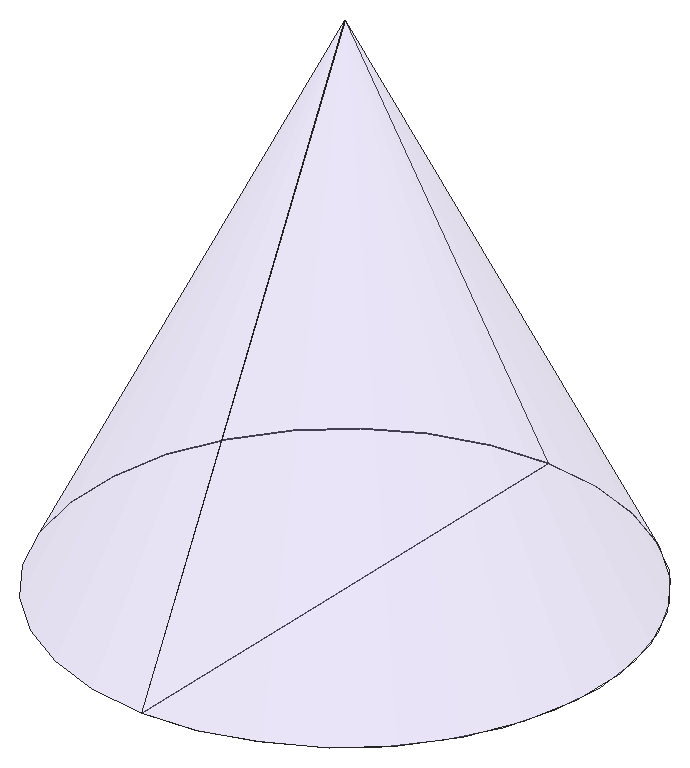
Revit family
Parameters
  반지름 [instance] = 4500 mm
  매스 재료 [instance] = 기본 매스
  높이 [instance] = 9000 mm
  Default Elevation = 1219.2 mm
Reference planes
  plane 1 "중심(앞/뒤)": y = 12.955
  plane 2: z = 0
  plane 3 "중심(왼쪽/오른쪽)": x = -30.261
  plane 4: z = 9000
  plane 5: y = 4512.955
  plane 6: x = 4469.739
  plane 7: y = -4487.045
  plane 8: x = -4530.261
Forms (mm)
  Revolve 1, solid, material "기본 매스" <- "매스 재료"
    sketch origin (-30.261, 0, 0) x (0, 1, 0) y (0, 0, 1)
      loop
        line (12.955, 9000) -> (12.955, 0) -> (4512.955, 0) -> (12.955, 9000)
      axis (12.955, 0) -> (12.955, 9000)
    angle from 0 to 360
Dimensions and locks
  "반지름": Revolve 1 sketch curve to plane 1 "중심(앞/뒤)"
  "반지름": plane 5 to plane 1 "중심(앞/뒤)"
  "반지름": plane 7 to plane 1 "중심(앞/뒤)"
  "반지름": plane 3 "중심(왼쪽/오른쪽)" to plane 6
  "반지름": plane 8 to plane 3 "중심(왼쪽/오른쪽)"
  "높이": plane 4 to plane 2
  locked: plane 2 to level
  aligned and locked: plane 4 to Revolve 1 sketch curve
  aligned and locked: plane 1 "중심(앞/뒤)" to Revolve 1 sketch curve
  aligned and locked: Revolve 1 sketch curve to plane 2
Automatic sketch dimensions
  Revolve 1 sketch curve to plane 1 "중심(앞/뒤)" = 0 mm
  plane 4 to Revolve 1 sketch curve = 914.4 mm
  Revolve 1 sketch curve to Revolve 1 sketch curve = 1828.8 mm
